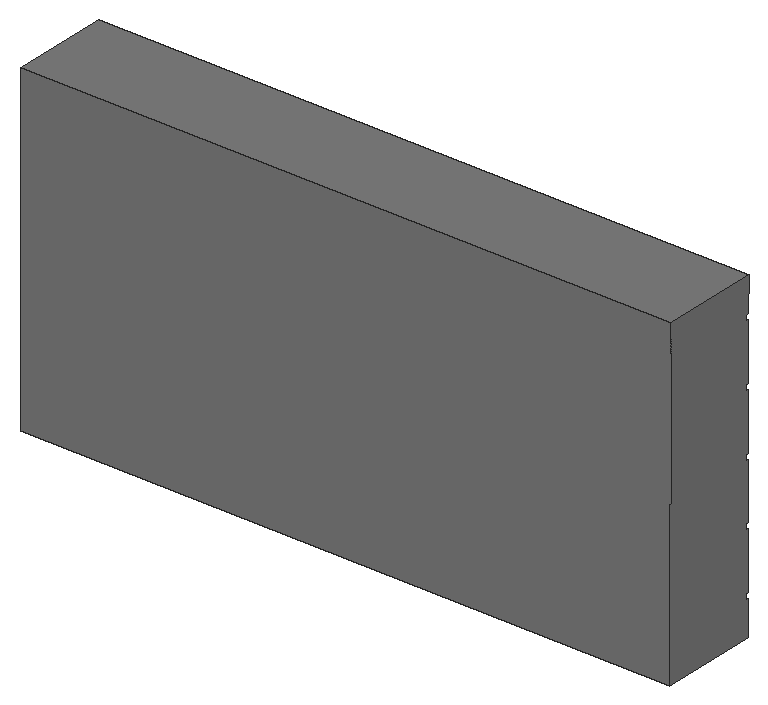
Revit family "Etixx31_ep180_R5-8", category Equipement spécialisé, Revit 2016
Family settings
  Type d'élément = Normal
  Cote de connecteur circulaire = Utiliser le diamètre
  Basée sur le plan de construction = Non
  Toujours verticalement = Oui
  Couper avec des vides une fois chargée = Non
  Partagée = Non
  Point de calcul de pièce = Non
Parameters (values of type "Etixx31_ep180_R5-8")
  Visibilité [instance] = yes
  URL = "https://www.isobox-isolation.fr/sites/default/files/produit_documents/plaquette_etixx_31_37juin2018_0.pdf"
  Transmission de la vapeur d’eau (μ) = "20-40"  # constant formula
  Résistance thermique = 5.8000 (m²·K)/W  # constant formula
  Modèle = "ep : 180mm"  # constant formula
  Matériaux = Isolant PSE Etixx 31
  Longueur [instance] = 1200.00 mm
  Largeur [instance] = 600.00 mm
  Image du type = Etixx31.jpg
  Fabricant = "Isobox"  # constant formula
  Epaisseur = 180.00 mm  # constant formula
  Empreinte carbone (Kg eq CO²/m²) = 11.72  # constant formula
  Description = "Etixx31 épaisseur 180"  # constant formula
  Coût = 0  # constant formula
  Conductivité thermique = 0.0310 W/(m·K)  # constant formula
Reference planes
  plane 1 "Centre (avant/arrière)": z = 0
  plane 2: y = 655.866
  plane 3 "Centre (gauche/droite)": x = 298.55
  plane 4 "Extérieur": y = 475.866
  plane 5: x = -901.45
  plane 6: z = 600
Forms (mm)
  Extrusion 1, solid, material "Isolant PSE Etixx 31" <- "Matériaux"
    sketch origin (0, 655.866, 600) x (0, 0, 1) y (-1, 0, 0)
      loop
        line (-600, 901.45) -> (-600, -298.55) -> (0, -298.55) -> (0, 901.45) -> (-600, 901.45)
    from 0 to 180
  Extrusion 2, void
    sketch origin (2.901, 655.866, 520) x (0, 0, 1) y (-1, 0, 0)
      loop
        line (-455, 904.351) -> (-455, -295.649) -> (-445, -295.649) -> (-445, 904.351) -> (-455, 904.351)
      loop
        line (-340, 904.351) -> (-340, -295.649) -> (-330, -295.649) -> (-330, 904.351) -> (-340, 904.351)
      loop
        line (-225, 904.351) -> (-225, -295.649) -> (-215, -295.649) -> (-215, 904.351) -> (-225, 904.351)
      loop
        line (-110, 904.351) -> (-110, -295.649) -> (-100, -295.649) -> (-100, 904.351) -> (-110, 904.351)
      loop
        line (5, 904.351) -> (5, -295.649) -> (15, -295.649) -> (15, 904.351) -> (5, 904.351)
    from 0 to 5
Cuts and joins
  Extrusion 2 cuts Extrusion 1
Dimensions and locks
  "Epaisseur": plane 4 "Extérieur" to plane 2
  "Longueur": plane 5 to plane 3 "Centre (gauche/droite)"
  "Largeur": plane 6 to level
  aligned and locked: plane 4 "Extérieur" to cut or joined group of Extrusion 1, Extrusion 2
  aligned and locked: plane 1 "Centre (avant/arrière)" to cut or joined group of Extrusion 1, Extrusion 2
  aligned and locked: plane 5 to Extrusion 1
  aligned and locked: plane 6 to cut or joined group of Extrusion 1, Extrusion 2
  aligned and locked: Extrusion 1 to Extrusion 2  (x9)
  aligned and locked: plane 3 "Centre (gauche/droite)" to Extrusion 2
Automatic sketch dimensions
  Extrusion 1 sketch curve to level = 0.00 mm
  Extrusion 1 sketch curve to plane 3 "Centre (gauche/droite)" = 0.00 mm
  level to Extrusion 1 sketch curve = 600.00 mm
  Extrusion 1 sketch curve to Extrusion 1 sketch curve = 1200.00 mm
  plane 3 "Centre (gauche/droite)" to Extrusion 2 sketch curve = 0.00 mm  (x5)
  level to Extrusion 2 sketch curve = 65.00 mm
  Extrusion 2 sketch curve to Extrusion 2 sketch curve = 10.00 mm  (x5)
  Extrusion 2 sketch curve to Extrusion 2 sketch curve = 105.00 mm  (x4)
  Extrusion 2 sketch curve to Extrusion 2 sketch curve = 1200.00 mm
  Extrusion 2 sketch curve to Extrusion 2 sketch curve = 0.00 mm  (x4)
